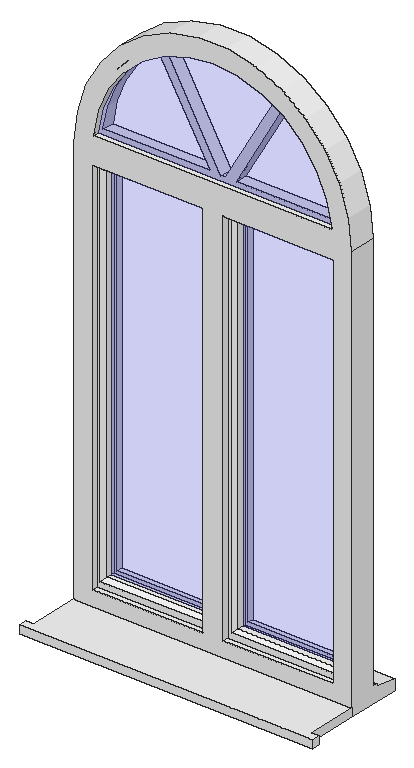
Revit family "GNW_A3-Arched-(2)", category Windows, host Wall, Revit 2016
Family settings
  Host = Wall
  Always vertical = Yes
  Cut with Voids When Loaded = No
  Shared = No
  Room Calculation Point = No
Parameters (values of type "Arched Window")
  Wrap Layers (Ext) from Ext = 102.5 mm
  Wrap Layers (Int) from Ext = 177.5 mm
  Window Board Projection = 25.0 mm
  Window Board Extension = 25.0 mm
  Vis - Cavity Closers = yes
  Rough Width = Width  # 900.0 mm
  Rough Height = Height  # 1350.0 mm
  Operation = "UserDefined"
  Material Trim = Window Frame
  Material Glass = Glass
  Material Frame = Window Frame
  Manufacturer = "Revit"
  Keynote = "L10"
  Height = 1350.0 mm
  Wall Closure = By host
  Width = 900.0 mm
  Glazing Thickness = 24.0 mm
  FrameOffset - External = 50.0 mm
  Frame Depth = 68.0 mm
  Default Head Height = 2110.0 mm
  Cill Depth = 87.5 mm
  Cavity Closer Width = 50.0 mm
  Cavity Closer Offset from Ext = 102.5 mm
  Cavity Closer Depth = 85.0 mm
Reference planes
  plane 1: y = 0
  plane 2 "Center (Left/Right)": x = -285
  plane 3 "Left": x = -735
  plane 4 "Right": x = 165
  plane 5 "Cill": z = 760
  plane 6 "Head": z = 2110
  plane 7 "Exterior": y = 158.457
  plane 8 "Interior": y = -141.543
  plane 9 "Back of Window": y = 40.457
  plane 10 "Wall Closure": y = 55.957
  plane 11 "Front Cill": y = 195.957
  plane 12 "Front Window Board": y = -166.543
  plane 13 "RHS Window Board": x = 190
  plane 14 "LHS Window Board": x = -760
  plane 15 "Ext Leaf Back": y = 55.957
  plane 16 "Face Window": y = 108.457
  plane 17 "C/L window": y = 45.457
  plane 18: z = 1435
  plane 19: y = 22.957
  plane 20: y = 67.957
  plane 21: y = -19.043
Forms (mm)
  Extrusion 1, solid, material "Window Frame" <- "Material Trim", detail levels medium+fine
    sketch origin (0, 0, 760) x (0, -1, 0) y (-1, 0, 0)
      loop
        line (141.543, 760) -> (141.543, 735) -> (-22.457, 735) -> (-22.457, -165) -> (141.543, -165) -> (141.543, -190) -> (166.543, -190) -> (166.543, 760) -> (141.543, 760)
    from 0 to -25
  Extrusion 2, solid, material "Window Frame" <- "Material Frame"
    sketch origin (-285, 0, 0) x (0, 1, 0) y (0, 0, 1)
      loop
        line (22.457, 760) -> (195.957, 760) -> (195.957, 793.809) -> (123.457, 806.555) -> (123.457, 810.271) -> (108.457, 811) -> (108.457, 823) -> (40.457, 823) -> (40.457, 835) -> (22.457, 835) -> (22.457, 760)
    from 450 to -450
  Sweep 3, solid, material "Window Frame" <- "Material Frame"
    path origin (0, 40.457, 0) x (1, 0, 0) y (0, 0, 1)
      loop
        line (-735, 823) -> (-735, 2110)
        arc (-735, 2110) -> (-285, 2560) -> (165, 2110) r 450
        line (165, 2110) -> (165, 823)
    profile origin (0, 0, 1466.5) x (-1, 0, 0) y (0, -1, 0)
      loop
        line (735, -22.457) -> (675, -22.457) -> (675, -40.457) -> (695, -40.457) -> (695, -108.457) -> (735, -108.457) -> (735, -22.457)
  Extrusion 4, solid, material "Window Frame" <- "Material Frame"
    sketch origin (-285, 0, 0) x (0, 1, 0) y (0, 0, 1)
      loop
        line (40.457, 2067) -> (40.457, 2085) -> (108.457, 2085) -> (108.457, 2135) -> (40.457, 2135) -> (40.457, 2153) -> (22.457, 2153) -> (22.457, 2067) -> (40.457, 2067)
    from -410 to 410
  Extrusion 5, solid, material "Window Frame" <- "Material Frame"
    sketch origin (0, 0, 760) x (0, -1, 0) y (-1, 0, 0)
      loop
        line (-22.457, 318) -> (-40.457, 318) -> (-40.457, 300) -> (-108.457, 300) -> (-108.457, 270) -> (-40.457, 270) -> (-40.457, 252) -> (-22.457, 252) -> (-22.457, 318)
    from -1325 to -63
  Sweep 6, solid, material "Window Frame" <- "Material Frame"
    path origin (-735, 108.457, 823) x (0, 0, 1) y (1, 0, 0)
      loop
        line (1262, 860) -> (0, 860) -> (0, 465) -> (1262, 465) -> (1262, 860)
    profile origin (125, 108.457, 1454) x (1, 0, 0) y (0, 1, 0)
      loop
        line (10, 0) -> (10, 5.774) -> (-0.785, 11.547) -> (-22.554, 11.547) -> (-40, 5.774) -> (-40, -12) -> (-30, -12) -> (-30, -36) -> (-40, -36) -> (-40, -53.507) -> (-29.852, -68) -> (0, -68) -> (0, 0) -> (10, 0)
  Sweep 7, solid, material "Window Frame" <- "Material Frame"
    path origin (-735, 108.457, 823) x (0, 0, 1) y (1, 0, 0)
      loop
        line (1262, 435) -> (0, 435) -> (0, 40) -> (1262, 40) -> (1262, 435)
    profile origin (-695, 108.457, 1454) x (0, 1, 0) y (-1, 0, 0)
      loop
        line (0, 10) -> (0, 0) -> (-68, 0) -> (-68, -29.852) -> (-53.507, -40) -> (-36, -40) -> (-36, -30) -> (-12, -30) -> (-12, -40) -> (5.774, -40) -> (11.547, -22.554) -> (11.547, -0.785) -> (5.774, 10) -> (0, 10)
  Extrusion 8, solid, material "Glass" <- "Material Glass"
    sketch origin (-330, 96.457, 2055) x (-1, 0, 0) y (0, 0, -1)
      loop
        line (0, 0) -> (335, 0) -> (335, 1202) -> (0, 1202) -> (0, 0)
      loop
        line (-89.852, -0.148) -> (-89.852, 1202) -> (-425, 1202) -> (-425, -0.148) -> (-89.852, -0.148)
    from 0 to 24 <- "Glazing Thickness"
  Extrusion 9, solid, material "Glass" <- "Material Glass"
    sketch origin (0, 40.457, 0) x (1, 0, 0) y (0, 0, 1)
      loop
        line (-694.237, 2135) -> (124.237, 2135)
        arc (124.237, 2135) -> (-285, 2520) -> (-694.237, 2135) r 410
    from 0 to -24
  Sweep 10, solid, material "Window Frame" <- "Material Frame"
    path origin (0, 90.457, 0) x (1, 0, 0) y (0, 0, 1)
      loop
        line (-694.237, 2135) -> (124.237, 2135)
        arc (124.237, 2135) -> (-285, 2520) -> (-694.237, 2135) r 410
    profile origin (-285, 90.457, 2135) x (0, 0, 1) y (0, -1, 0)
      loop
        line (0, -13) -> (18, -13) -> (18, 26) -> (0, 26) -> (0, -13)
  Extrusion 11, solid, material "Window Frame" <- "Material Frame"
    sketch origin (0, 108.457, 0) x (1, 0, 0) y (0, 0, 1)
      loop
        line (-242.853, 2153) -> (-76.153, 2441.733)
        arc (-76.153, 2441.733) -> (-89, 2449.482) -> (-102.134, 2456.733) r 392
        line (-102.134, 2456.733) -> (-277.494, 2153) -> (-242.853, 2153)
      loop
        line (-292.506, 2153) -> (-467.866, 2456.733)
        arc (-467.866, 2456.733) -> (-481, 2449.482) -> (-493.847, 2441.733) r 392
        line (-493.847, 2441.733) -> (-327.147, 2153) -> (-292.506, 2153)
    from 5 to 44
Cuts and joins
  joined: Extrusion 2, Sweep 3, Extrusion 4, Extrusion 5
  joined: Sweep 10, Extrusion 11
Lines and regions (mm)
  Opening 1
    outline origin (-5000, -141.543, 0) x (1, 0, 0) y (0, 0, 1)
      loop
        line (5165, 760) -> (5165, 2110)
        arc (5165, 2110) -> (4715, 2560) -> (4265, 2110) r 450
        line (4265, 2110) -> (4265, 760) -> (5165, 760)
  symbolic lines, style "WindowsFrameMullionProjection", detail levels coarse
    curve 1: line (-710, 0, 793.809) -> (140, 0, 793.809)
  symbolic lines, style "Windows"
    curve 2: line (-735, 22.457, 0) -> (165, 22.457, 0)
    curve 3: line (-735, 108.457, 0) -> (-735, 22.457, 0)
    curve 4: line (165, 108.457, 0) -> (-735, 108.457, 0)
    curve 5: line (165, 22.457, 0) -> (165, 108.457, 0)
    curve 6: line (-675, 22.457, 0) -> (-675, 108.457, 0)
    curve 7: line (105, 22.457, 0) -> (105, 108.457, 0)
    curve 8: line (-675, 65.457, 0) -> (105, 65.457, 0)
  symbolic lines, style "Cavity Closer", visible <- "Vis - Cavity Closers", detail levels medium+fine
    curve 9: line (-735, 55.957, 0) -> (-785, 55.957, 0)
    curve 10: line (-735, -29.043, 0) -> (-735, 55.957, 0)
    curve 11: line (-785, -29.043, 0) -> (-735, -29.043, 0)
    curve 12: line (-785, 55.957, 0) -> (-785, -29.043, 0)
    curve 13: line (-735, -29.043, 0) -> (-785, 55.957, 0)
    curve 14: line (-785, -29.043, 0) -> (-735, 55.957, 0)
    curve 15: line (165, 55.957, 0) -> (215, 55.957, 0)
    curve 16: line (165, -29.043, 0) -> (165, 55.957, 0)
    curve 17: line (215, -29.043, 0) -> (165, -29.043, 0)
    curve 18: line (215, 55.957, 0) -> (215, -29.043, 0)
    curve 19: line (165, -29.043, 0) -> (215, 55.957, 0)
    curve 20: line (215, -29.043, 0) -> (165, 55.957, 0)
  symbolic lines, detail levels coarse
    curve 21: line (-735, 0, 823) -> (165, 0, 823)
    curve 22: line (-675, 0, 2110) -> (105, 0, 2110)
    curve 23: arc (-695, 0, 2110) -> (-285, 0, 2520) -> (125, 0, 2110) r 410
  symbolic lines, style "WindowsSillHeadProjection"
    curve 24: line (165, 195.957, 0) -> (-735, 195.957, 0)
    curve 25: line (-735, 195.957, 0) -> (-735, 158.457, 0)
    curve 26: line (165, 158.457, 0) -> (165, 195.957, 0)
  symbolic lines, style "InvisibleLines"
    curve 27: line (-285, 0, 2110) -> (-100, 0, 2430.429)
    curve 28: line (-285, 0, 2110) -> (-465, 0, 2421.769)
  symbolic lines, style "Elevation Swing"
    curve 29: line (-230, 0, 2045) -> (85, 0, 1435)
    curve 30: line (85, 0, 1435) -> (-230, 0, 863)
    curve 31: line (-340, 0, 863) -> (-655, 0, 1435)
    curve 32: line (-655, 0, 1435) -> (-340, 0, 2045)
Text (mm)
  text "EXTERIOR" at (-1415.209, 454.062, 0), in view "Ref. Level"
  text "INTERIOR" at (-1415.209, -367.981, 0), in view "Ref. Level"
  text "Exterior" at (0, 923.751, 2943.296), in view "Right"
  text "Exterior" at (0, 1040.484, 2685.409), in view "Left"
Dimensions and locks
  equal spacing: plane 3 "Left", plane 2 "Center (Left/Right)", plane 4 "Right"
  "Width": plane 3 "Left" to plane 4 "Right"
  "Height": plane 5 "Cill" to plane 6 "Head"
  "Default Head Height": plane 6 "Head" to level
  locked: plane 7 "Exterior" to host wall at 0
  locked: plane 8 "Interior" to host wall
  "Window Board Projection": plane 12 "Front Window Board" to plane 8 "Interior"
  "Window Board Extension": plane 14 "LHS Window Board" to plane 3 "Left"
  "Window Board Extension": plane 4 "Right" to plane 13 "RHS Window Board"
  "Cavity Closer Offset from Ext": plane 15 "Ext Leaf Back" to plane 7 "Exterior"
  Extrusion 2 sketch curve to Extrusion 2 sketch curve = 12.0 mm
  equal spacing: curve 4, curve 8, curve 2
  "Cavity Closer Depth": curve 9 to curve 11
  "Cavity Closer Width": curve 12 to plane 3 "Left"
  "Cavity Closer Depth": curve 15 to curve 17
  "Cavity Closer Width": plane 4 "Right" to curve 18
  "Cill Depth": plane 16 "Face Window" to plane 11 "Front Cill"
  equal spacing: plane 5 "Cill", plane 18, plane 6 "Head"
  locked: Extrusion 2 sketch curve to plane 9 "Back of Window" at 18
  locked: Extrusion 2 sketch curve to Extrusion 2 sketch curve at 15
  "Cill Depth": Extrusion 2 sketch curve to Extrusion 2 sketch curve
  locked: Sweep 6 sketch curve to Sweep 6 sketch curve at 5.774
  locked: Sweep 6 sketch curve to Sweep 6 sketch curve at 17.774
  "Glazing Thickness": Sweep 6 sketch curve to Sweep 6 sketch curve
  locked: Sweep 6 sketch curve to Sweep 6 sketch curve at 10
  locked: plane 9 "Back of Window" to Sweep 6 sketch curve at 14.493
  locked: Sweep 7 sketch curve to Sweep 7 sketch curve at 5.774
  locked: Sweep 7 sketch curve to Sweep 7 sketch curve at 17.774
  "Glazing Thickness": Sweep 7 sketch curve to Sweep 7 sketch curve
  locked: Sweep 7 sketch curve to Sweep 7 sketch curve at 10
  locked: Sweep 7 sketch curve to Sweep 7 sketch curve at 14.493
  "Glazing Thickness": plane 9 "Back of Window" to Extrusion 9
  "Glazing Thickness": plane 9 "Back of Window" to Sweep 10 sketch curve
  locked: Sweep 10 sketch curve to cut or joined group of Extrusion 2, Sweep 3, Extrusion 4, Extrusion 5 at 5
  "FrameOffset - External": plane 16 "Face Window" to plane 7 "Exterior"
  "Frame Depth": plane 9 "Back of Window" to plane 16 "Face Window"
  equal spacing: Extrusion 11 sketch curve, curve 27, Extrusion 11 sketch curve
  Extrusion 11 sketch curve to Extrusion 11 sketch curve = 30.0 mm  (x2)
  equal spacing: Extrusion 11 sketch curve, curve 28, Extrusion 11 sketch curve
  "Wrap Layers (Ext) from Ext": plane 10 "Wall Closure" to plane 7 "Exterior"
  "Wrap Layers (Int) from Ext": plane 21 to plane 7 "Exterior"
  locked: curve 27 to plane 6 "Head" (angle 60.00°)
  locked: plane 6 "Head" to curve 28 (angle 60.00°)
  aligned and locked: plane 3 "Left" to Extrusion 1 sketch curve
  aligned and locked: Extrusion 1 sketch curve to plane 8 "Interior"  (x2)
  aligned and locked: Extrusion 1 sketch curve to plane 13 "RHS Window Board"
  aligned and locked: Extrusion 1 to plane 12 "Front Window Board"
  aligned and locked: plane 14 "LHS Window Board" to Extrusion 1 sketch curve
  aligned and locked: Extrusion 2 sketch curve to plane 5 "Cill"
  aligned and locked: plane 3 "Left" to Extrusion 2
  aligned and locked: Extrusion 2 to plane 4 "Right"
  aligned and locked: Extrusion 2 to curve 1
  aligned and locked: Sweep 3 to curve 6
  aligned and locked: curve 7 to Sweep 3
  aligned and locked: plane 3 "Left" to nested 1
  aligned and locked: curve 10 to plane 3 "Left"
  aligned and locked: plane 4 "Right" to nested 2
  aligned and locked: curve 16 to plane 4 "Right"
  aligned and locked: Sweep 3 sketch curve to plane 9 "Back of Window"
  aligned and locked: plane 9 "Back of Window" to Extrusion 2 sketch curve
  aligned and locked: curve 21 to Extrusion 2
  aligned and locked: curve 24 to cut or joined group of Extrusion 2, Sweep 3, Extrusion 4, Extrusion 5
  aligned and locked: curve 25 to cut or joined group of Extrusion 2, Sweep 3, Extrusion 4, Extrusion 5
  aligned and locked: cut or joined group of Extrusion 2, Sweep 3, Extrusion 4, Extrusion 5 to curve 26
  aligned and locked: host wall to curve 26
  aligned and locked: Extrusion 4 sketch curve to plane 9 "Back of Window"  (x2)
  aligned and locked: cut or joined group of Extrusion 2, Sweep 3, Extrusion 4, Extrusion 5 to Extrusion 4 sketch curve  (x2)
  aligned and locked: Extrusion 4 to cut or joined group of Extrusion 2, Sweep 3, Extrusion 4, Extrusion 5  (x2)
  aligned and locked: Extrusion 5 sketch curve to Extrusion 5 sketch curve
  aligned and locked: plane 9 "Back of Window" to Extrusion 5 sketch curve
  aligned and locked: Extrusion 5 sketch curve to cut or joined group of Extrusion 2, Sweep 3, Extrusion 4, Extrusion 5  (x2)
  aligned and locked: Extrusion 5 to Extrusion 4
  aligned and locked: Extrusion 5 to cut or joined group of Extrusion 2, Sweep 3, Extrusion 4, Extrusion 5
  aligned and locked: Sweep 6 sketch curve to Sweep 6 sketch curve
  aligned and locked: plane 9 "Back of Window" to Sweep 6 sketch curve
  aligned and locked: Sweep 7 sketch curve to Sweep 7 sketch curve
  aligned and locked: plane 9 "Back of Window" to Sweep 7 sketch curve
  aligned and locked: Extrusion 9 sketch curve to curve 23
  aligned and locked: Extrusion 9 sketch curve to cut or joined group of Extrusion 2, Sweep 3, Extrusion 4, Extrusion 5
  aligned and locked: Sweep 10 sketch curve to cut or joined group of Extrusion 2, Sweep 3, Extrusion 4, Extrusion 5  (x2)
  aligned and locked: cut or joined group of Extrusion 2, Sweep 3, Extrusion 4, Extrusion 5 to Sweep 10 sketch curve
  aligned and locked: Extrusion 11 sketch curve to Sweep 10
  aligned and locked: Sweep 10 to Extrusion 11 sketch curve
  aligned and locked: Extrusion 11 to Extrusion 9
  aligned and locked: Extrusion 11 to Sweep 10
  aligned and locked: Extrusion 11 sketch curve to cut or joined group of Sweep 10, Extrusion 11
  aligned and locked: curve 2 to cut or joined group of Extrusion 2, Sweep 3, Extrusion 4, Extrusion 5
  aligned and locked: curve 4 to cut or joined group of Extrusion 2, Sweep 3, Extrusion 4, Extrusion 5
  aligned and locked: Opening 1 sketch curve to cut or joined group of Extrusion 2, Sweep 3, Extrusion 4, Extrusion 5
  aligned and locked: plane 15 "Ext Leaf Back" to nested 2
  aligned and locked: curve 15 to plane 15 "Ext Leaf Back"
  aligned and locked: nested 1 to plane 15 "Ext Leaf Back"
  aligned and locked: plane 15 "Ext Leaf Back" to curve 9
Automatic sketch dimensions
  Extrusion 1 sketch curve to plane 4 "Right" = 0.0 mm
  plane 9 "Back of Window" to Extrusion 1 sketch curve = 18.0 mm
  Extrusion 1 sketch curve to plane 12 "Front Window Board" = 0.0 mm
  Sweep 3 sketch curve to profile plane = 0.0 mm
  profile plane to Sweep 3 sketch curve = 40.0 mm
  plane 9 "Back of Window" to Sweep 3 sketch curve = 18.0 mm
  Extrusion 2 sketch curve to plane 5 "Cill" = 33.809 mm
  Extrusion 2 sketch curve to plane 5 "Cill" = 46.555 mm
  Extrusion 2 sketch curve to Extrusion 2 sketch curve = 3.716 mm
  Extrusion 2 sketch curve to Extrusion 2 sketch curve = 0.729 mm
  Extrusion 2 sketch curve to Extrusion 2 sketch curve = 12.0 mm
  Sweep 3 sketch curve to plane 3 "Left" = 0.0 mm
  Sweep 3 sketch curve to plane 4 "Right" = 0.0 mm
  Sweep 3 sketch curve to plane 6 "Head" = 0.0 mm
  Sweep 3 sketch curve to plane 5 "Cill" = 63.0 mm  (x2)
  curve 4 to plane 3 "Left" = 0.0 mm
  curve 5 to plane 4 "Right" = 0.0 mm
  curve 25 to host wall = 0.0 mm
  Sweep 3 sketch curve to Sweep 3 sketch curve = 20.0 mm
  plane 6 "Head" to Extrusion 4 sketch curve = 43.0 mm
  plane 6 "Head" to Extrusion 4 sketch curve = 25.0 mm
  Extrusion 4 sketch curve to plane 6 "Head" = 25.0 mm
  Extrusion 4 sketch curve to Extrusion 4 sketch curve = 18.0 mm
  Extrusion 5 sketch curve to plane 2 "Center (Left/Right)" = 33.0 mm
  Extrusion 5 sketch curve to plane 2 "Center (Left/Right)" = 15.0 mm
  plane 2 "Center (Left/Right)" to Extrusion 5 sketch curve = 15.0 mm
  Extrusion 5 sketch curve to Extrusion 5 sketch curve = 18.0 mm
  plane 6 "Head" to Sweep 6 sketch curve = 25.0 mm
  plane 2 "Center (Left/Right)" to Sweep 6 sketch curve = 15.0 mm
  Sweep 6 sketch curve to profile plane = 0.0 mm  (x2)
  profile plane to Sweep 6 sketch curve = 0.785 mm
  Sweep 6 sketch curve to Sweep 6 sketch curve = 21.77 mm
  profile plane to Sweep 6 sketch curve = 29.852 mm
  Sweep 6 sketch curve to profile plane = 12.0 mm
  Sweep 6 sketch curve to Sweep 6 sketch curve = 7.446 mm
  Sweep 6 sketch curve to profile plane = 10.0 mm
  Sweep 6 sketch curve to Sweep 6 sketch curve = 5.774 mm
  plane 6 "Head" to Sweep 7 sketch curve = 25.0 mm
  Sweep 7 sketch curve to plane 2 "Center (Left/Right)" = 15.0 mm
  Sweep 7 sketch curve to profile plane = 0.0 mm  (x2)
  Sweep 7 sketch curve to profile plane = 12.0 mm
  Sweep 7 sketch curve to Sweep 7 sketch curve = 5.774 mm
  profile plane to Sweep 7 sketch curve = 0.785 mm
  Sweep 7 sketch curve to Sweep 7 sketch curve = 21.77 mm
  Sweep 7 sketch curve to Sweep 7 sketch curve = 29.852 mm
  Sweep 7 sketch curve to Sweep 7 sketch curve = 7.446 mm
  Sweep 7 sketch curve to profile plane = 10.0 mm
  plane 2 "Center (Left/Right)" to Extrusion 8 sketch curve = 44.852 mm
  Extrusion 8 sketch curve to plane 2 "Center (Left/Right)" = 45.0 mm
  plane 6 "Head" to Extrusion 8 sketch curve = 55.0 mm
  plane 6 "Head" to Extrusion 8 sketch curve = 54.852 mm
  Sweep 10 sketch curve to profile plane = 0.0 mm
  curve 23 to plane 6 "Head" = 0.0 mm
  curve 28 to plane 2 "Center (Left/Right)" = 0.0 mm
  curve 28 to plane 6 "Head" = 0.0 mm
  curve 32 to plane 18 = 0.0 mm
  curve 29 to plane 18 = 0.0 mm
  curve 21 to plane 3 "Left" = 0.0 mm
  curve 23 to plane 2 "Center (Left/Right)" = 0.0 mm
  curve 27 to plane 2 "Center (Left/Right)" = 0.0 mm
  curve 21 to plane 4 "Right" = 0.0 mm
  plane 6 "Head" to curve 29 = 65.0 mm
  plane 6 "Head" to curve 32 = 65.0 mm
  curve 31 to plane 2 "Center (Left/Right)" = 55.0 mm
  curve 32 to plane 2 "Center (Left/Right)" = 55.0 mm
  plane 2 "Center (Left/Right)" to curve 29 = 55.0 mm
  plane 2 "Center (Left/Right)" to curve 30 = 55.0 mm
  Extrusion 2 sketch curve to plane 16 "Face Window" = 0.0 mm
  Sweep 3 sketch curve to plane 9 "Back of Window" = 68.0 mm
  Extrusion 11 sketch curve to Extrusion 11 sketch curve = 0.0 mm
  curve 23 to plane 3 "Left" = 40.0 mm
  curve 23 to curve 22 = 20.0 mm
  curve 31 to plane 3 "Left" = 80.0 mm
  Sweep 7 sketch curve to plane 3 "Left" = 40.0 mm
  Extrusion 8 sketch curve to plane 3 "Left" = 70.0 mm
  plane 4 "Right" to curve 30 = 80.0 mm
  curve 22 to curve 23 = 20.0 mm
  plane 4 "Right" to Sweep 6 sketch curve = 40.0 mm
  plane 4 "Right" to Extrusion 8 sketch curve = 70.0 mm
  curve 31 to plane 5 "Cill" = 103.0 mm
  curve 30 to plane 5 "Cill" = 103.0 mm
  Sweep 6 sketch curve to plane 5 "Cill" = 63.0 mm
  Sweep 7 sketch curve to plane 5 "Cill" = 63.0 mm
  Extrusion 8 sketch curve to plane 5 "Cill" = 93.0 mm
  Extrusion 8 sketch curve to Extrusion 8 sketch curve = 0.0 mm
  plane 4 "Right" to curve 1 = 25.0 mm
  curve 1 to plane 3 "Left" = 25.0 mm
  Opening 1 sketch curve to plane 5 "Cill" = 0.0 mm
Nested families
  nested 1: "UK_Cavity Closer" at (-785, 55.957, 0), visible <- "Vis - Cavity Closers", type "UK_Cavity Closer", detail levels medium+fine
  nested 2: "UK_Cavity Closer" at (215, 55.957, 0) x (-1, 0, 0) z (0, 0, 1), visible <- "Vis - Cavity Closers", type "UK_Cavity Closer", detail levels medium+fine
Definition of nested family "UK_Cavity Closer"
  Parameters
    Closer Width = 50.0 mm
    Closer Depth = 75.0 mm
  Reference planes
    plane 1 "Center (Front/Back)": y = 0
    plane 2: z = 0
    plane 3 "Center (Left/Right)": x = 0
    plane 4: x = 50, in view "Ref. Level"
    plane 5: y = -75, in view "Ref. Level"
  Lines and regions (mm)
    Masking region 1, in view "Ref. Level"
      outline origin (0, 0, 0) x (1, 0, 0) y (0, 1, 0)
        loop
          line (0, 0) -> (0, -75) -> (50, -75) -> (50, 0) -> (0, 0)
  Dimensions and locks
    "Closer Width": plane 3 "Center (Left/Right)" to plane 4
    "Closer Depth": plane 5 to plane 1 "Center (Front/Back)"
  Automatic sketch dimensions
    Masking region 1 sketch curve to plane 3 "Center (Left/Right)" = 0.0 mm
    Masking region 1 sketch curve to plane 4 = 0.0 mm
    Masking region 1 sketch curve to plane 5 = 0.0 mm
    Masking region 1 sketch curve to plane 1 "Center (Front/Back)" = 0.0 mm
